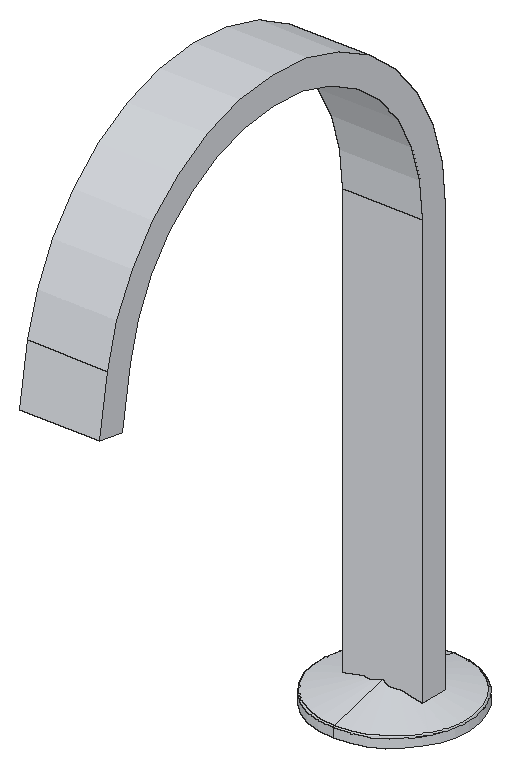
Revit family "Faucet-Lavatory-KOHLER-Components-K-77968", category Plumbing Fixtures, host Face, Revit 2015
Parameters (values of type "CP-Polished Chrome")
  Width = 2 3/8"  # constant formula
  Waste Water Outlet = "Waste Water Outlet"  # constant formula
  Waste Connection = no
  Vent Connection = no
  URL = "https://www.us.kohler.com/us/"
  Type = 1
  Spout Reach = 6 5/16"  # constant formula
  Product Page URL = "http://www.us.kohler.com/us/catalog/productDetails.jsp?productNumber=77968"
  Product Name = "Components"  # constant formula
  Product Documentation Link = "http://www.us.kohler.com/onlinecatalog/pdf/K-77968_spec.pdf"
  Pressure = 60.00 psi  # constant formula
  Model = if(Type = 1, "K-77968-CP", if(Type = 2, "K-77968-BL", "NA"))  # "K-77968-CP"
  Material = "Premium Metal Construction"  # constant formula
  MasterFormat 2004 = "22.41.39"  # constant formula
  MasterFormat 1995 = "15410"  # constant formula
  Manufacturer Address = "444 Highland Dr, Kohler, WI 53044"  # constant formula
  Manufacturer = "KOHLER Co."  # constant formula
  Length = Spout Reach  # 6 5/16"
  Hot Water Inlet = "Hot Water Inlet"  # constant formula
  Height = 10 3/8"  # constant formula
  Handle Clearance = 0"
  HW Connection = no
  Flow Rate = 1.2 GPM  # constant formula
  Finish = Kohler-Metal-CP-Polished_Chrome
  Faucet Hole Spacing = 0"
  Environmental Product Declaration = ""
  Drain Included = 1 = 1  # yes
  Description = "Widespread Bathroom Sink Spout"  # constant formula
  Default Elevation = 36"
  Declare Label = ""
  Date Modified = "08/23/2018"  # constant formula
  Date Created = "07/06/2018"  # constant formula
  Copyright = "Copyright KOHLER Co."  # constant formula
  Contact Us = "https://www.us.kohler.com/us/static/contact.jsp"
  Cold Water Inlet = "Cold Water Inlet"  # constant formula
  CW Connection = no
  Assembly Code = "D2010"
  ADA Compliant = 1 = 0  # no
Types (3): name | Type | Model | Finish
  (no name) | 1 | "K-77968-CP" | Kohler-Metal-CP-Polished_Chrome
  CP-Polished Chrome | 1 | "K-77968-CP" | Kohler-Metal-CP-Polished_Chrome
  BL-Matte_Black | 2 | "K-77968-BL" | Kohler-Metal-BL-Matte_Black
Reference planes (in)
  plane 1 "Center (Front/Back)": y = 0
  plane 2: z = 0
  plane 3 "Center (Left/Right)": x = 0
  plane 4: x = -1.1875
  plane 5: x = 1.1875
  plane 6: y = -6.3125
  plane 7: z = 10.375
Dimensions and locks (in)
  equal spacing: plane 4, plane 3 "Center (Left/Right)", plane 5
  "Width": plane 4 to plane 5
  "Length": plane 6 to plane 1 "Center (Front/Back)"  (x2)
  "Height": plane 7 to plane 2
  aligned and locked: plane 2 to host face
  aligned and locked: level to host face
Automatic sketch dimensions
  host sketch curve to host sketch curve = 96"  (x2)
Nested families (in)
  nested 1: "K-77968" at (0, 0, 0), type "K-77968"
Definition of nested family "K-77968"
  Parameters (values of type "K-77968")
    Material = none
  Reference planes (in)
    plane 1 "Center (Front/Back)": y = 0
    plane 2: z = 0
    plane 3 "Center (Left/Right)": x = 0
    plane 4: z = 10.375
    plane 5: y = -6.3125
    plane 6: z = 6.6875
    plane 7: z = 10.15846
  Forms (in)
    Sweep 1, solid, material <- "Material"
      path origin (0, 0, 0) x (0, 1, 0) y (0, 0, 1)
        loop
          line (0, 0.2855) -> (0, 7.05692)
          arc (0, 7.05692) -> (-2.82961, 10.1449) -> (-6.15245, 7.5952) r 3.09977
          line (-6.15245, 7.5952) -> (-6.3125, 6.6875)
      profile origin (0, 0, 0.2855) x (0, -1, 0) y (1, 0, 0)
        loop
          line (0.21654, 0.625) -> (-0.21654, 0.625) -> (-0.21654, -0.625) -> (0.21654, -0.625) -> (0.21654, 0.625)
    Revolve 2, solid, material <- "Material", detail levels medium+fine
      sketch origin (0, 0, 0) x (0, 1, 0) y (0, 0, 1)
        loop
          line (0, 0) -> (1.18111, 0) -> (1.18111, 0.13926)
          arc (1.18111, 0.13926) -> (1.17614, 0.15359) -> (1.16338, 0.16177) r 0.02316
          line (1.16338, 0.16177) -> (0, 0.4424) -> (0, 0)
        axis (0, 0.4424) -> (0, 0)
      angle from 0 to 360
    Extrusion 3, solid, material <- "Material", detail levels coarse
      sketch origin (0, 0, 0) x (1, 0, 0) y (0, 1, 0)
        loop
          circle (0, 0) r 1.1811
      from 0 to 0.32403
    Extrusion 4, void
      sketch origin (0, 0, 0) x (1, 0, 0) y (0, 1, 0)
        loop
          line (0.625, -0.21654) -> (0.625, 0.21654) -> (-0.625, 0.21654) -> (-0.625, -0.21654) -> (0.625, -0.21654)
      from 0.27167 to 0.67852
  Cuts and joins
    Extrusion 4 cuts Revolve 2
  Lines and regions (in)
    Masking region 1
      outline origin (0, 0, 0) x (0, 1, 0) y (0, 0, 1)
        loop
          line (1.18111, 0) -> (1.18111, 0.13933)
          arc (1.18111, 0.13933) -> (1.17617, 0.1536) -> (1.16346, 0.16175) r 0.02306
          line (1.16346, 0.16175) -> (0.21654, 0.39061) -> (0.21654, 7.05892)
          arc (0.21654, 7.05892) -> (-2.81057, 10.36243) -> (-6.36535, 7.63476) r 3.31613
          line (-6.36535, 7.63476) -> (-6.52575, 6.7251) -> (-6.09992, 6.65002) -> (-5.9394, 7.56037)
          arc (-5.9394, 7.56037) -> (-2.84857, 9.93205) -> (-0.21654, 7.05968) r 2.88334
          line (-0.21654, 7.05968) -> (-0.21654, 0.39061) -> (-1.16346, 0.16175)
          arc (-1.16346, 0.16175) -> (-1.17617, 0.1536) -> (-1.18111, 0.13933) r 0.02306
          line (-1.18111, 0.13933) -> (-1.18111, 0) -> (1.18111, 0)
    Masking region 2
      outline origin (0, 0, 0) x (1, 0, 0) y (0, 0, 1)
        loop
          line (-1.1875, 0) -> (1.1875, 0) -> (1.1875, 0.13933)
          arc (1.1875, 0.13933) -> (1.18256, 0.1536) -> (1.16986, 0.16175) r 0.02306
          line (1.16986, 0.16175) -> (0.625, 0.29343) -> (0.625, 10.375) -> (-0.625, 10.375) -> (-0.625, 0.29343) -> (-1.16986, 0.16175)
          arc (-1.16986, 0.16175) -> (-1.18256, 0.1536) -> (-1.1875, 0.13933) r 0.02306
          line (-1.1875, 0.13933) -> (-1.1875, 0)
    Masking region 3
      outline origin (0, 0, 0) x (1, 0, 0) y (0, 1, 0)
        loop
          arc (0.625, -1.00218) -> (0, 1.19504) -> (-0.625, -1.00218) r 1.1875
          line (-0.625, -1.00218) -> (-0.625, -6.52575) -> (0.625, -6.52575) -> (0.625, -1.00218)
    symbolic lines, detail levels medium+fine
      curve 1: arc (0, 0, 0.39921) -> (-0.31488, 0, 0.35941) -> (-0.625, 0, 0.29189) r 3.58181
      curve 2: arc (0.625, 0, 0.29189) -> (0.31488, 0, 0.35941) -> (0, 0, 0.39921) r 3.58181
      curve 3: line (0, -0.21654, 0.39061) -> (0, -0.21654, 0.27167)
      curve 4: line (0, -0.21654, 0.27167) -> (0, 0.21654, 0.27167)
      curve 5: line (0, 0.21654, 0.27167) -> (0, 0.21654, 0.39061)
      curve 6: line (-0.625, 0.21654, 0) -> (0.625, 0.21654, 0)
      curve 7: line (0.625, -1.00218, 0) -> (0.625, 0.21654, 0)
      curve 8: line (-0.625, 0.21654, 0) -> (-0.625, -1.00218, 0)
      curve 9: line (0, 1.18111, 0.13933) -> (0, -1.18111, 0.13933)
      curve 10: line (0.625, 0, 6.7251) -> (-0.625, 0, 6.7251)
      curve 11: line (-0.625, 0, 6.6499) -> (0.625, 0, 6.6499)
      curve 12: line (-1.1875, 0, 0.13933) -> (1.1875, 0, 0.13933)
  Dimensions and locks (in)
    plane 1 "Center (Front/Back)" to plane 5 = 6 5/16"
    level to plane 4 = 10 3/8"
    aligned and locked: plane 2 to level
